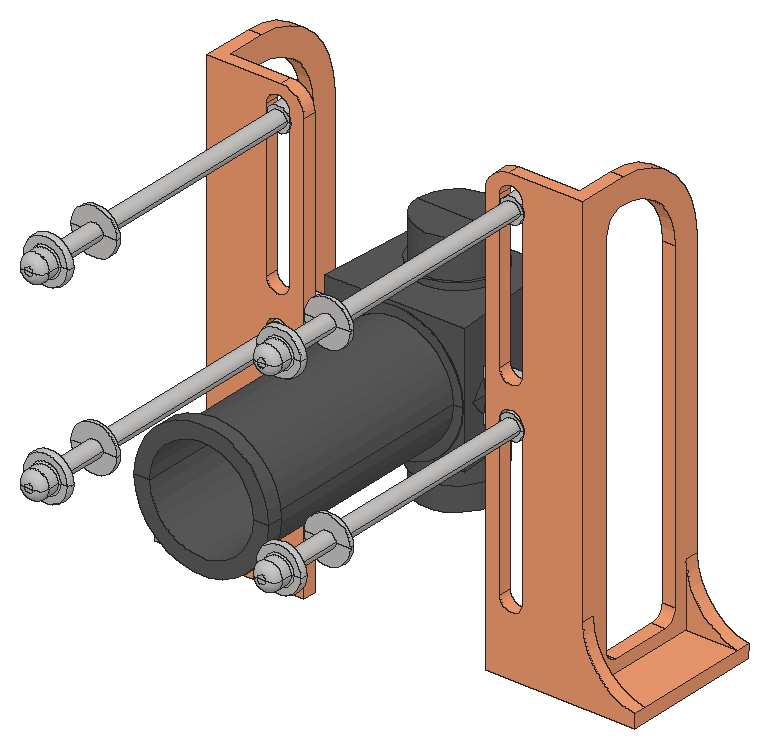
Revit family "Water_Closet_Support-Jay_R.Smith-(0532FY_0544FY)_Series", category Mechanical Equipment, Revit 2019
Family settings
  Round Connector Dimension = Use Diameter
  Classification = None
  Part Type = Normal
  OmniClass Number = 23.70.00.00
  OmniClass Title = Waste Management
  Work Plane-Based = Yes
  Always vertical = No
  Cut with Voids When Loaded = No
  Shared = Yes
  Room Calculation Point = No
Parameters (values of type "0533FY")
  Width = 18 1/2"  # constant formula
  Waste Connection Radius = Waste Connection Diameter / 2  # 1 1/2"
  Waste Connection Diameter = A Dimension  # 3"
  Waste Connection = yes
  Wall Thickness Adjustable = 8 3/4"
  WFU = 0
  Vent Connection Diameter = B Dimension  # 3"
  Vent Connection = yes
  URL = "http://www.jrsmith.com"
  Type Comments = "Water Closet Support"
  Screw Material = Metal-Jay R Smith-Stainless Steel
  Product Page URL = "https://www.jrsmith.com/floor-mount-frame-0532f-and-0542f"
  Product Documentation Link = "https://www.jrsmith.com/uploads/fileLibrary/d0532fy.pdf"
  Nipple Material = ABS-Jay R Smith-Black
  Model = "0533FY"
  Material = "Cast Iron-Jay R Smith-Duco Coated"
  Manufacturer = "Jay R Smith"
  Installation Type = "Floor Mounted"
  Height = 17 1/2"  # constant formula
  Coupling Inlet Connection Description = "4\" No HUB Coupling Inlet Connection"
  A Outlet Connection Description = "3\" No HUB Outlet Connection A"
  HWFU = 0
  HW Connection = no
  Finish = Cast Iron-Jay R Smith-Duco Coated
  E Dimension = 3"
  Description = "Floor-Mount Frame for Hub and Spigot System"
  Default Elevation = 0"
  Creation Date = "08/11/2023"  # constant formula
  Coupling Diameter = 4"  # constant formula
  CWFU = 0
  CW Connection = no
  Adjustable Height Constraint = if(Adjustable Height < 3", 3", if(Adjustable Height > 8 3/4", 8 3/4", Adjustable Height))  # 8 3/4"
  Adjustable Height = 8 3/4"
  B Vent Connection Description = "3\" Vent Connection B"
  B Dimension = 3"
  Assembly Code = "D2030400"
  A Dimension Radius = A Dimension / 2  # 1 1/2"
  A Dimension = 3"
Types (5): name | Waste Connection Radius | Waste Connection Diameter | Vent Connection Diameter | Model | A Outlet Connection Description | E Dimension | B Vent Connection Description | B Dimension | A Dimension Radius | A Dimension
  (no name) | 1 1/2" | 3" | 3" | "0533FY" | "3\" No HUB Outlet Connection A" | 3" | "3\" Vent Connection B" | 3" | 1 1/2" | 3"
  0532FY | 1 1/2" | 3" | 2" | "0532FY" | "3\" No HUB Outlet Connection A" | 3" | "2\" Vent Connection B" | 2" | 1 1/2" | 3"
  0533FY | 1 1/2" | 3" | 3" | "0533FY" | "3\" No HUB Outlet Connection A" | 3" | "3\" Vent Connection B" | 3" | 1 1/2" | 3"
  0542FY | 2" | 4" | 2" | "0542FY" | "4\" No HUB Outlet Connection A" | 3 1/2" | "2\" Vent Connection B" | 2" | 2" | 4"
  0544FY | 2" | 4" | 4" | "0544FY" | "4\" No HUB Outlet Connection A" | 3 1/2" | "4\" Vent Connection B" | 4" | 2" | 4"
Reference planes (in)
  plane 1 "Center (Front/Back)": y = 0
  plane 2: z = 0
  plane 3 "Center (Left/Right)": x = 0
  plane 4: x = -9.25
  plane 5: x = 9.25
  plane 6: z = 17.5
  plane 7: x = -4.5
  plane 8: x = 4.5
  plane 9: z = 8.75
  plane 10: z = 16.25
  plane 11: z = 3.75
  plane 12: z = 13.25
  plane 13: y = -8.75
  plane 14: y = 5.5
  plane 15: y = 3
  plane 16: x = -1
  plane 17: x = 2
  plane 18: x = -1.5
  plane 19: x = 1.5
  plane 20: y = 1.13331
  plane 21: y = 4.50831
  plane 22: z = 9.75
Dimensions and locks (in)
  equal spacing: plane 5, plane 3 "Center (Left/Right)", plane 4
  "Width": plane 5 to plane 4
  "Height": plane 6 to level
  equal spacing: plane 8, plane 3 "Center (Left/Right)", plane 7
  plane 8 to plane 7 = 9"
  "Adjustable Height Constraint": plane 9 to level
  locked: plane 10 to plane 9 at 7.5
  locked: plane 9 to plane 11 at 5
  locked: plane 12 to plane 9 at 4.5
  nested 1 to nested 1 = 13.4521"
  plane 1 "Center (Front/Back)" to plane 14 = 5 1/2"
  "Wall Thickness Adjustable": plane 13 to plane 1 "Center (Front/Back)"
  plane 16 to nested 2 to plane 17 = 1", 2"
  "B Dimension": plane 16 to plane 17
  equal spacing: plane 19, plane 3 "Center (Left/Right)", plane 18
  "A Dimension": plane 19 to plane 18
  "E Dimension": plane 1 "Center (Front/Back)" to plane 15
  plane 18 to nested 2 = 1 1/2"
  plane 20 to plane 21 = 3 3/8"
  plane 12 to plane 9 = 4 1/2"
  plane 9 to plane 11 = 5"
  locked: plane 22 to plane 9 at 1
  aligned and locked: plane 3 "Center (Left/Right)" to nested 1
  aligned and locked: nested 1 to level
  aligned and locked: plane 1 "Center (Front/Back)" to nested 1
  aligned and locked: plane 9 to nested 2
  aligned and locked: plane 13 to nested 2
  aligned and locked: plane 3 "Center (Left/Right)" to nested 2
  aligned and locked: plane 15 to nested 3
  aligned and locked: plane 22 to nested 3
Nested families (in)
  nested 1: "Support Leg" at (0, 0, 0), Material <- "Finish", type "Support Leg"
    with Material Cast Iron-Jay R Smith-Duco Coated
  nested 2: "Coupling" at (0, 0.5, -3.5645), A <- "A Dimension", B <- "B Dimension", Wall thickness <- "Wall Thickness Adjustable", Screw Material <- "Screw Material", Nipple Material <- "Nipple Material", Body <- "Finish", type "Coupling"
    with Wall thickness 8 3/4", Screw Material Metal-Jay R Smith-Stainless Steel, Nipple Material ABS-Jay R Smith-Black, C (Min. 8 3/4" Max. 9 3/4") 9 3/4", Body Cast Iron-Jay R Smith-Duco Coated, B 3", A 3"
  nested 3: "Outlets" at (0, 0.75, -3.5645), Screw Material <- "Screw Material", Body <- "Finish", A <- "A Dimension", B <- "B Dimension", type "Outlets"
    with Wall thickness 8 3/4", Screw Material Metal-Jay R Smith-Stainless Steel, Nipple Material ABS-Jay R Smith-Black, C (Min. 8 3/4" Max. 9 3/4") 9 3/4", Body Cast Iron-Jay R Smith-Duco Coated, B 3", A 3"
Connectors (in)
  piping at (0, -9.32077, 8.75), diameter 4, driven by "Coupling Diameter", driven by "Coupling Inlet Connection Description"
    settings: on nested 2, index 3, connector inside diameter 24", connector length 0", flow factor 0, pipe flow 0 GPM, pressure drop 0.00 psi, fitting loss kfactor 0, connector angle 0.00°, fixture units 0, engagement length 0", angle of deflection 0.00°, flow configuration 0, flow direction 1, fitting loss method 0, system type 28, joint type 0, gender type 0, connector reference index -1, connector utility 0, adjustable connector no, is connector primary yes, connector description "4\" No HUB Coupling Inlet Connection"
  piping at (0, 3, 13.25), diameter 3, driven by "B Vent Connection Description", driven by "B Dimension"
    settings: on nested 3, index 4, connector inside diameter 24", connector length 0", flow factor 0, pipe flow 0 GPM, pressure drop 0.00 psi, fitting loss kfactor 0, connector angle 0.00°, fixture units 0, engagement length 0", angle of deflection 0.00°, flow configuration 0, flow direction 2, fitting loss method 0, system type 17, joint type 0, gender type 0, connector reference index -1, connector utility 0, adjustable connector no, is connector primary no, connector description "3\" Vent Connection B"
  piping at (0, 3, 3.75), diameter 3, driven by "A Outlet Connection Description", driven by "A Dimension"
    settings: on nested 3, index 5, connector inside diameter 24", connector length 0", flow factor 0, pipe flow 0 GPM, pressure drop 0.00 psi, fitting loss kfactor 0, connector angle 0.00°, fixture units 0, engagement length 0", angle of deflection 0.00°, flow configuration 0, flow direction 2, fitting loss method 0, system type 28, joint type 0, gender type 0, connector reference index -1, connector utility 0, adjustable connector no, is connector primary no, connector description "3\" No HUB Outlet Connection A"
Definition of nested family "Support Leg"
  Parameters (values of type "Support Leg")
    Material [instance] = none
    L = 18 1/4"
    Assembly Code = ""
  Reference planes (in)
    plane 1 "Center (Front/Back)": y = 0
    plane 2: z = 0
    plane 3 "Center (Left/Right)": x = 0
    plane 4: z = 17.5
    plane 5: z = 9.5
    plane 6: x = -9.25
    plane 7: x = 9.25
    plane 8: x = -2
    plane 9: x = -4.5
    plane 10: x = 4.5
    plane 11: y = 5.5
  Forms (in)
    Extrusion 1, solid, material <- "Material"
      sketch origin (-26.28506, 23.36756, 0) x (-1, 0, 0) y (0, 0, -1)
        loop
          line (-17.03506, 0) -> (-22.78506, 0) -> (-22.78506, -16.59531)
          arc (-22.78506, -16.59531) -> (-22.52009, -17.23502) -> (-21.88037, -17.5) r 0.90469
          line (-21.88037, -17.5) -> (-19.03506, -17.5) -> (-19.03506, -2.96829)
          arc (-19.03506, -2.96829) -> (-18.47231, -1.37986) -> (-17.03506, -0.5) r 2.52312
          line (-17.03506, -0.5) -> (-17.03506, 0)
        loop
          line (-21.33045, -16.64843) -> (-21.33045, -10.64973)
          arc (-21.33045, -10.64973) -> (-21.78506, -10.19512) -> (-22.23968, -10.64973) r 0.45462
          line (-22.23968, -10.64973) -> (-22.23968, -16.64843)
          arc (-22.23968, -16.64843) -> (-21.78506, -17.10304) -> (-21.33045, -16.64843) r 0.45462
        loop
          line (-21.33045, -8.89843) -> (-21.33045, -2.77473)
          arc (-21.33045, -2.77473) -> (-21.78506, -2.32012) -> (-22.23968, -2.77473) r 0.45462
          line (-22.23968, -2.77473) -> (-22.23968, -8.89843)
          arc (-22.23968, -8.89843) -> (-21.78506, -9.35304) -> (-21.33045, -8.89843) r 0.45462
      from 22.86756 to 23.36756
    Extrusion 2, solid, material <- "Material"
      sketch origin (-1.5, 23.36756, 0) x (0, 0, 1) y (0, -1, 0)
        loop
          line (0, 23.36756) -> (0, 17.86756) -> (14, 17.86756)
          arc (14, 17.86756) -> (16.47487, 18.89269) -> (17.5, 21.36756) r 3.5
          line (17.5, 21.36756) -> (17.5, 23.36756) -> (0, 23.36756)
        loop
          arc (1.48817, 22.23426) -> (1.13462, 22.08781) -> (0.98817, 21.73426) r 0.5
          line (0.98817, 21.73426) -> (0.98817, 19.35926)
          arc (0.98817, 19.35926) -> (1.13462, 19.00571) -> (1.48817, 18.85926) r 0.5
          line (1.48817, 18.85926) -> (13.99368, 18.85926)
          arc (13.99368, 18.85926) -> (15.79733, 19.60761) -> (16.5414, 21.41303) r 2.54773
          arc (16.5414, 21.41303) -> (16.34974, 21.98878) -> (15.79479, 22.23426) r 0.75
          line (15.79479, 22.23426) -> (1.48817, 22.23426)
      from -5.75 to -5.22605
    Extrusion 3, solid, material <- "Material"
      sketch origin (-1.5, 5, 1.04053) x (0, 0, -1) y (1, 0, 0)
        loop
          line (0.54053, -7.75) -> (1.04053, -7.75) -> (1.04053, -5.75) -> (-1.92776, -5.75)
          arc (-1.92776, -5.75) -> (-0.33933, -6.31276) -> (0.54053, -7.75) r 2.52312
      from -0.5 to 0
    Extrusion 4, solid, material <- "Material"
      sketch origin (0, 0, 0) x (1, 0, 0) y (0, 1, 0)
        loop
          line (-9.25, 5.5) -> (-9.25, 0) -> (-7.25, 0) -> (-7.25, 5.5) -> (-9.25, 5.5)
      from 0 to 0.5
    Extrusion 5, solid, material <- "Material"
      sketch origin (26.28506, 23.36756, 0) x (1, 0, 0) y (0, 0, 1)
        loop
          line (-17.03506, 0) -> (-17.03506, 0.5)
          arc (-17.03506, 0.5) -> (-18.47231, 1.37986) -> (-19.03506, 2.96829) r 2.52312
          line (-19.03506, 2.96829) -> (-19.03506, 17.5) -> (-21.88037, 17.5)
          arc (-21.88037, 17.5) -> (-22.52009, 17.23502) -> (-22.78506, 16.59531) r 0.90469
          line (-22.78506, 16.59531) -> (-22.78506, 0) -> (-17.03506, 0)
        loop
          arc (-21.33045, 16.64843) -> (-21.78506, 17.10304) -> (-22.23968, 16.64843) r 0.45462
          line (-22.23968, 16.64843) -> (-22.23968, 10.64973)
          arc (-22.23968, 10.64973) -> (-21.78506, 10.19512) -> (-21.33045, 10.64973) r 0.45462
          line (-21.33045, 10.64973) -> (-21.33045, 16.64843)
        loop
          arc (-21.33045, 8.89843) -> (-21.78506, 9.35304) -> (-22.23968, 8.89843) r 0.45462
          line (-22.23968, 8.89843) -> (-22.23968, 2.77473)
          arc (-22.23968, 2.77473) -> (-21.78506, 2.32012) -> (-21.33045, 2.77473) r 0.45462
          line (-21.33045, 2.77473) -> (-21.33045, 8.89843)
      from 22.86756 to 23.36756
    Extrusion 6, solid, material <- "Material"
      sketch origin (1.5, 23.36756, 0) x (0, 0, 1) y (0, 1, 0)
        loop
          line (0, -23.36756) -> (17.5, -23.36756) -> (17.5, -21.36756)
          arc (17.5, -21.36756) -> (16.47487, -18.89269) -> (14, -17.86756) r 3.5
          line (14, -17.86756) -> (0, -17.86756) -> (0, -23.36756)
        loop
          line (1.48817, -22.23426) -> (15.79479, -22.23426)
          arc (15.79479, -22.23426) -> (16.34974, -21.98878) -> (16.5414, -21.41303) r 0.75
          arc (16.5414, -21.41303) -> (15.79733, -19.60761) -> (13.99368, -18.85926) r 2.54773
          line (13.99368, -18.85926) -> (1.48817, -18.85926)
          arc (1.48817, -18.85926) -> (1.13462, -19.00571) -> (0.98817, -19.35926) r 0.5
          line (0.98817, -19.35926) -> (0.98817, -21.73426)
          arc (0.98817, -21.73426) -> (1.13462, -22.08781) -> (1.48817, -22.23426) r 0.5
      from -5.75 to -5.22605
    Extrusion 7, solid, material <- "Material"
      sketch origin (1.5, 5, 1.04053) x (0, 0, -1) y (1, 0, 0)
        loop
          arc (0.54053, 7.75) -> (-0.33933, 6.31276) -> (-1.92776, 5.75) r 2.52312
          line (-1.92776, 5.75) -> (1.04053, 5.75) -> (1.04053, 7.75) -> (0.54053, 7.75)
      from -0.5 to 0
    Extrusion 8, solid, material <- "Material"
      sketch origin (0, 0, 0) x (-1, 0, 0) y (0, -1, 0)
        loop
          line (-9.25, -5.5) -> (-7.25, -5.5) -> (-7.25, 0) -> (-9.25, 0) -> (-9.25, -5.5)
      from 0 to 0.5
  Cuts and joins
    joined: Extrusion 1, Extrusion 2, Extrusion 3, Extrusion 4
    joined: Extrusion 5, Extrusion 6, Extrusion 7, Extrusion 8
  Dimensions and locks (in)
    equal spacing: plane 7, plane 3 "Center (Left/Right)", plane 6
    plane 7 to plane 6 = 18 1/2"
    plane 4 to level = 17 1/2"
    plane 10 to plane 9 = 9"
    plane 1 "Center (Front/Back)" to plane 11 = 5 1/2"
    aligned and locked: plane 1 "Center (Front/Back)" to Extrusion 1
    aligned and locked: Extrusion 4 sketch curve to Extrusion 3  (x2)
    aligned and locked: Extrusion 4 sketch curve to cut or joined group of Extrusion 1, Extrusion 2, Extrusion 3, Extrusion 4  (x2)
    aligned and locked: Extrusion 8 sketch curve to Extrusion 7  (x2)
  Automatic sketch dimensions
    Extrusion 1 sketch curve to level = 0"
    Extrusion 1 sketch curve to plane 4 = 0"
    plane 9 to Extrusion 1 sketch curve = 0"
    Extrusion 1 sketch curve to plane 9 = 0"
    Extrusion 1 sketch curve to plane 6 = 0"
    plane 9 to Extrusion 1 sketch curve = 0.09531"
    Extrusion 1 sketch curve to Extrusion 1 sketch curve = 0.45462"  (x2)
    Extrusion 1 sketch curve to Extrusion 1 sketch curve = 0.54538"
    plane 6 to Extrusion 1 sketch curve = 2"
    Extrusion 1 sketch curve to plane 6 = 0.52312"
    Extrusion 1 sketch curve to Extrusion 1 sketch curve = 0.05312"
    plane 5 to Extrusion 1 sketch curve = 1.14973"
    Extrusion 1 sketch curve to plane 5 = 77/128"
    level to Extrusion 1 sketch curve = 2.77473"
    level to Extrusion 1 sketch curve = 2.96829"
    Extrusion 2 sketch curve to level = 0"
    Extrusion 2 sketch curve to plane 11 = 0"
    Extrusion 2 sketch curve to plane 4 = 0"
    Extrusion 2 sketch curve to plane 1 "Center (Front/Back)" = 0"
    level to Extrusion 2 sketch curve = 0.98817"
    Extrusion 2 sketch curve to Extrusion 2 sketch curve = 1/2"  (x2)
    Extrusion 2 sketch curve to plane 1 "Center (Front/Back)" = 1.96057"
    Extrusion 2 sketch curve to plane 4 = 3.50632"
    Extrusion 2 sketch curve to Extrusion 2 sketch curve = 0.00632"
    Extrusion 2 sketch curve to plane 4 = 1.70521"
    Extrusion 2 sketch curve to plane 11 = 0.99169"
    Extrusion 2 sketch curve to Extrusion 2 sketch curve = 0.07123"
    Extrusion 3 sketch curve to plane 6 = 0"
    Extrusion 3 sketch curve to level = 0"
    level to Extrusion 3 sketch curve = 1/2"
    Extrusion 3 sketch curve to plane 6 = 0.52312"
    Extrusion 3 sketch curve to Extrusion 3 sketch curve = 2.46829"
    Extrusion 6 sketch curve to level = 0"
    Extrusion 6 sketch curve to plane 11 = 0"
    Extrusion 6 sketch curve to plane 4 = 0"
    Extrusion 6 sketch curve to plane 1 "Center (Front/Back)" = 0"
    level to Extrusion 6 sketch curve = 0.98817"
    Extrusion 6 sketch curve to Extrusion 6 sketch curve = 1/2"  (x2)
    Extrusion 6 sketch curve to plane 1 "Center (Front/Back)" = 1.96057"
    Extrusion 6 sketch curve to plane 4 = 3.50632"
    Extrusion 6 sketch curve to Extrusion 6 sketch curve = 0.00632"
    Extrusion 6 sketch curve to plane 4 = 1.70521"
    Extrusion 6 sketch curve to Extrusion 6 sketch curve = 0.82123"
    Extrusion 6 sketch curve to Extrusion 6 sketch curve = 3/4"
    plane 7 to Extrusion 7 sketch curve = 0"
    Extrusion 7 sketch curve to level = 0"
    level to Extrusion 7 sketch curve = 1/2"
    Extrusion 7 sketch curve to plane 7 = 0.52312"
    Extrusion 7 sketch curve to Extrusion 7 sketch curve = 2.46829"
    plane 1 "Center (Front/Back)" to Extrusion 8 sketch curve = 0"
    Extrusion 8 sketch curve to plane 7 = 2"
    Extrusion 5 sketch curve to level = 0"
    Extrusion 5 sketch curve to plane 4 = 0"
    plane 10 to Extrusion 5 sketch curve = 0"  (x2)
    plane 7 to Extrusion 5 sketch curve = 0"
    plane 10 to Extrusion 5 sketch curve = 1"
    plane 10 to Extrusion 5 sketch curve = 0.45462"
    plane 10 to Extrusion 5 sketch curve = 0.09531"
    plane 7 to Extrusion 5 sketch curve = 2"
    Extrusion 5 sketch curve to plane 7 = 0.52312"
    level to Extrusion 5 sketch curve = 1/2"
    Extrusion 5 sketch curve to Extrusion 5 sketch curve = 0.19356"
    Extrusion 5 sketch curve to plane 5 = 77/128"
    plane 5 to Extrusion 5 sketch curve = 1.14973"
    Extrusion 5 sketch curve to Extrusion 5 sketch curve = 0.05312"
    Extrusion 5 sketch curve to Extrusion 5 sketch curve = 0.45462"
Definition of nested family "Coupling"
  Parameters (values of type "Coupling")
    s = 3 3/8"  # constant formula
    Width = 16 3/4"
    Waste Connection Radius = 2"
    Waste Connection Height = 9"
    Waste Connection Diameter = Waste Connection Radius * 2  # 4"
    Waste Connection = yes
    Warranty Information = "1 Year Limited"
    Wall thickness [instance] = 8 3/4"
    WFU = 0
    Vent Connection = yes
    URL = "http://www.jrsmith.com"
    Type Comments = ""
    Screw Material [instance] = none
    Product Page URL = "https://www.jrsmith.com/product.aspx?ProductId=16&title=Horizontal+Fittings+Extra+Heavy+Duty+750+Lbs.+for+Siphon+Jet+Water+Closets"
    Price = "Prices may vary. Please consult Manufacturer Representative for most up-to-date price list."  # constant formula
    Phone Number = ""
    Nipple Material [instance] = none
    Model = "0211DY-M58-M54"
    Manufacturer = "Jay R Smith"
    Installation Type = "Floor Mounted"
    HWFU = 0
    HW Connection = no
    Description = "Horizontal Fittings for Siphon Jet Water Closets"
    Default Elevation = 0"
    Creation Date = ""
    Created By = ""
    CWFU = 0
    CW Connection = no
    C (Min. 8 3/4" Max. 9 3/4") [instance] = 9 3/4"
    Body [instance] = none
    Barrel Length = 14"
    B [instance] = 2.75133"
    Assembly Code = "D2030400"
    A [instance] = 4"
  Reference planes (in)
    plane 1 "Center (Front/Back)": y = 0.5
    plane 2: z = 0
    plane 3 "Center (Left/Right)": x = 0
    plane 4: x = -4.5
    plane 5: x = 4.5
    plane 6: z = 12.3145
    plane 7: z = 19.8145
    plane 8: x = 4.5
    plane 9: y = -9.25
    plane 10: y = -0.5
    plane 11: y = -11.5
    plane 12: z = 7.3145
    plane 13: z = 16.8145
    plane 14: x = -1.37566
    plane 15: x = 1.37566
    plane 16: x = -2
    plane 17: x = 2
    plane 18: y = 5
    plane 19: y = 2.25
    plane 20: z = 13.3145
    plane 21: x = -7
    plane 22: x = 7
    plane 23: x = -5.25
    plane 24: x = 5.25
  Forms (in)
    Revolve 1, solid, material <- "Nipple Material"
      sketch origin (0, -9.367, 12.3145) x (0, -1, 0) y (1, 0, 0)
        loop
          line (0.45378, -2.60647) -> (0.45378, -2) -> (-8.867, -2) -> (-8.867, 0) -> (-11.617, 0) -> (-11.617, -2) -> (-9.867, -2) -> (-9.867, -2.68843) -> (-8.867, -2.63112) -> (-8.867, -2.24758) -> (-0.117, -2.24758) -> (-0.117, -2.60647) -> (0.45378, -2.60647)
        axis (0.45378, 0) -> (-11.617, 0)
      angle from 0 to 360
    Revolve 2, solid, material <- "Screw Material"
      sketch origin (39.61063, 0, 12.3145) x (-1, 0, 0) y (0, -1, 0)
        loop
          line (35.11063, -0.5) -> (35.5823, -0.5) -> (35.5823, 0.5) -> (35.43171, 0.5) -> (35.43171, 8.8722) -> (35.58245, 8.8722) -> (35.58245, 9.25) -> (35.99826, 9.25) -> (35.99826, 9.38218) -> (35.43171, 9.38218) -> (35.43171, 11.5) -> (35.99826, 11.5)
          arc (35.99826, 11.5) -> (35.99463, 11.61583) -> (35.96045, 11.72656) r 0.43348
          line (35.96045, 11.72656) -> (35.68375, 11.72656)
          arc (35.68375, 11.72656) -> (35.639, 11.74509) -> (35.62046, 11.78985) r 0.06329
          line (35.62046, 11.78985) -> (35.62046, 12.19873)
          arc (35.62046, 12.19873) -> (35.52088, 12.43913) -> (35.28047, 12.53871) r 0.33999
          line (35.28047, 12.53871) -> (35.11063, 12.53871) -> (35.11063, -0.5)
        axis (35.11063, -0.5) -> (35.11063, 12.53871)
      angle from 0 to 360
    Revolve 3, solid, material <- "Screw Material"
      sketch origin (39.61063, 0, 19.8145) x (-1, 0, 0) y (0, -1, 0)
        loop
          line (35.11063, -0.5) -> (35.5823, -0.5) -> (35.5823, 0.5) -> (35.43171, 0.5) -> (35.43171, 8.8722) -> (35.58245, 8.8722) -> (35.58245, 9.25) -> (35.99826, 9.25) -> (35.99826, 9.38218) -> (35.43171, 9.38218) -> (35.43171, 11.5) -> (35.99826, 11.5)
          arc (35.99826, 11.5) -> (35.99463, 11.61583) -> (35.96045, 11.72656) r 0.43348
          line (35.96045, 11.72656) -> (35.68375, 11.72656)
          arc (35.68375, 11.72656) -> (35.639, 11.74509) -> (35.62046, 11.78985) r 0.06329
          line (35.62046, 11.78985) -> (35.62046, 12.19873)
          arc (35.62046, 12.19873) -> (35.52088, 12.43913) -> (35.28047, 12.53871) r 0.33999
          line (35.28047, 12.53871) -> (35.11063, 12.53871) -> (35.11063, -0.5)
        axis (35.11063, -0.5) -> (35.11063, 12.53871)
      angle from 0 to 360
    Revolve 4, solid, material <- "Screw Material"
      sketch origin (-39.61063, 0, 12.3145) x (1, 0, 0) y (0, 1, 0)
        loop
          line (35.11063, 0.5) -> (35.11063, -12.53871) -> (35.28047, -12.53871)
          arc (35.28047, -12.53871) -> (35.52088, -12.43913) -> (35.62046, -12.19873) r 0.33999
          line (35.62046, -12.19873) -> (35.62046, -11.78985)
          arc (35.62046, -11.78985) -> (35.639, -11.74509) -> (35.68375, -11.72656) r 0.06329
          line (35.68375, -11.72656) -> (35.96045, -11.72656)
          arc (35.96045, -11.72656) -> (35.99463, -11.61583) -> (35.99826, -11.5) r 0.43348
          line (35.99826, -11.5) -> (35.43171, -11.5) -> (35.43171, -9.38218) -> (35.99826, -9.38218) -> (35.99826, -9.25) -> (35.58245, -9.25) -> (35.58245, -8.8722) -> (35.43171, -8.8722) -> (35.43171, -0.5) -> (35.5823, -0.5) -> (35.5823, 0.5) -> (35.11063, 0.5)
        axis (35.11063, 0.5) -> (35.11063, -12.53871)
      angle from 0 to 360
    Revolve 5, solid, material <- "Screw Material"
      sketch origin (-39.61063, 0, 19.8145) x (1, 0, 0) y (0, 1, 0)
        loop
          line (35.11063, 0.5) -> (35.11063, -12.53871) -> (35.28047, -12.53871)
          arc (35.28047, -12.53871) -> (35.52088, -12.43913) -> (35.62046, -12.19873) r 0.33999
          line (35.62046, -12.19873) -> (35.62046, -11.78985)
          arc (35.62046, -11.78985) -> (35.639, -11.74509) -> (35.68375, -11.72656) r 0.06329
          line (35.68375, -11.72656) -> (35.96045, -11.72656)
          arc (35.96045, -11.72656) -> (35.99463, -11.61583) -> (35.99826, -11.5) r 0.43348
          line (35.99826, -11.5) -> (35.43171, -11.5) -> (35.43171, -9.38218) -> (35.99826, -9.38218) -> (35.99826, -9.25) -> (35.58245, -9.25) -> (35.58245, -8.8722) -> (35.43171, -8.8722) -> (35.43171, -0.5) -> (35.5823, -0.5) -> (35.5823, 0.5) -> (35.11063, 0.5)
        axis (35.11063, 0.5) -> (35.11063, -12.53871)
      angle from 0 to 360
    Extrusion 6, solid, material <- "Screw Material"
      sketch origin (0, 0.5, 0) x (1, 0, 0) y (0, 0, 1)
        loop
          arc (-4.75, 13.3145) -> (-5.10355, 13.16805) -> (-5.25, 12.8145) r 0.5
          line (-5.25, 12.8145) -> (-5.25, 11.8145)
          arc (-5.25, 11.8145) -> (-5.10355, 11.46094) -> (-4.75, 11.3145) r 0.5
          line (-4.75, 11.3145) -> (4.75, 11.3145)
          arc (4.75, 11.3145) -> (5.10355, 11.46094) -> (5.25, 11.8145) r 0.5
          line (5.25, 11.8145) -> (5.25, 12.8145)
          arc (5.25, 12.8145) -> (5.10355, 13.16805) -> (4.75, 13.3145) r 0.5
          line (4.75, 13.3145) -> (-4.75, 13.3145)
      from -0.5 to 0
  Dimensions and locks (in)
    plane 5 to plane 4 = 9"
    plane 7 to plane 6 = 7 1/2"
    locked: plane 10 to plane 1 "Center (Front/Back)" at 1
    "Wall thickness": plane 9 to plane 10
    locked: plane 11 to plane 9 at 2.25
    locked: Revolve 1 sketch curve to Revolve 1 sketch curve at 0.57077
    plane 6 to plane 12 = 5"
    plane 13 to plane 6 = 4 1/2"
    equal spacing: plane 15, plane 3 "Center (Left/Right)", plane 14
    "B": plane 15 to plane 14
    equal spacing: plane 17, plane 3 "Center (Left/Right)", plane 16
    "A": plane 17 to plane 16
    locked: plane 18 to plane 10 at 5.5
    equal spacing: plane 18, plane 19, plane 10
    locked: plane 20 to plane 6 at 1
    plane 3 "Center (Left/Right)" to plane 21 = 7"
    equal spacing: plane 22, plane 3 "Center (Left/Right)", plane 21
    Revolve 1 sketch curve to Revolve 1 sketch curve to plane 3 "Center (Left/Right)" = 0.24758" locked, 2" locked
    plane 8 to plane 4 = 9"
    equal spacing: plane 24, plane 3 "Center (Left/Right)", plane 23
    plane 24 to plane 23 = 10 1/2"
    plane 19 to plane 10 = 2 3/4"
    aligned and locked: plane 11 to Revolve 2 sketch curve
    aligned and locked: plane 9 to Revolve 2 sketch curve
    aligned and locked: Revolve 2 sketch curve to plane 10
    aligned and locked: Revolve 2 sketch curve to plane 1 "Center (Front/Back)"
    aligned and locked: Revolve 1 sketch curve to plane 9
    aligned and locked: Revolve 1 sketch curve to plane 10  (x2)
    aligned and locked: plane 9 to Revolve 3 sketch curve
    aligned and locked: plane 11 to Revolve 3 sketch curve
    aligned and locked: Revolve 3 sketch curve to plane 10
    aligned and locked: Revolve 3 sketch curve to plane 1 "Center (Front/Back)"
    aligned and locked: Revolve 4 sketch curve to plane 11
    aligned and locked: Revolve 4 sketch curve to plane 9
    aligned and locked: plane 10 to Revolve 4 sketch curve
    aligned and locked: plane 1 "Center (Front/Back)" to Revolve 4 sketch curve
    aligned and locked: Revolve 5 sketch curve to plane 11
    aligned and locked: Revolve 5 sketch curve to plane 9
    aligned and locked: plane 1 "Center (Front/Back)" to Revolve 5 sketch curve
    aligned and locked: plane 10 to Revolve 5 sketch curve
    aligned and locked: plane 19 to Revolve 1 sketch curve
    aligned and locked: Revolve 1 sketch curve to plane 16
    aligned and locked: plane 3 "Center (Left/Right)" to Revolve 1 sketch curve
    aligned and locked: plane 1 "Center (Front/Back)" to Revolve 1 sketch curve
    aligned and locked: Extrusion 6 to plane 1 "Center (Front/Back)"
  Automatic sketch dimensions
    Revolve 2 sketch curve to plane 5 = 0"  (x2)
    plane 1 "Center (Front/Back)" to Revolve 2 sketch curve = 0"
    Revolve 2 sketch curve to Revolve 2 sketch curve = 0.16984"
    plane 5 to Revolve 2 sketch curve = 0.32108"  (x2)
    Revolve 2 sketch curve to plane 11 = 0.04447"
    Revolve 2 sketch curve to Revolve 2 sketch curve = 0.13535"
    Revolve 2 sketch curve to Revolve 2 sketch curve = 0.47167"
    Revolve 2 sketch curve to Revolve 2 sketch curve = 0.15074"
    Revolve 2 sketch curve to Revolve 2 sketch curve = 0.0534"
    Revolve 2 sketch curve to Revolve 2 sketch curve = 0.06329"
    Revolve 2 sketch curve to Revolve 2 sketch curve = 0.27669"
    Revolve 2 sketch curve to Revolve 2 sketch curve = 0.41581"
    Revolve 2 sketch curve to Revolve 2 sketch curve = 0.03781"
    plane 9 to Revolve 2 sketch curve = 0.3778"
    Revolve 2 sketch curve to plane 9 = 0.13218"
    Revolve 2 sketch curve to Revolve 2 sketch curve = 0.40888"
    Revolve 2 sketch curve to plane 10 = 0.1306"
    Revolve 3 sketch curve to plane 5 = 0"  (x2)
    plane 1 "Center (Front/Back)" to Revolve 3 sketch curve = 0"
    Revolve 3 sketch curve to Revolve 3 sketch curve = 0.16984"
    plane 5 to Revolve 3 sketch curve = 0.32108"  (x2)
    Revolve 3 sketch curve to plane 11 = 0.04447"
    Revolve 3 sketch curve to Revolve 3 sketch curve = 0.13535"
    Revolve 3 sketch curve to Revolve 3 sketch curve = 0.47167"
    Revolve 3 sketch curve to Revolve 3 sketch curve = 0.15074"
    Revolve 3 sketch curve to Revolve 3 sketch curve = 0.0534"
    Revolve 3 sketch curve to Revolve 3 sketch curve = 0.06329"
    Revolve 3 sketch curve to Revolve 3 sketch curve = 0.27669"
    Revolve 3 sketch curve to Revolve 3 sketch curve = 0.41581"
    Revolve 3 sketch curve to Revolve 3 sketch curve = 0.03781"
    plane 9 to Revolve 3 sketch curve = 0.3778"
    Revolve 3 sketch curve to plane 9 = 0.13218"
    Revolve 3 sketch curve to Revolve 3 sketch curve = 0.40888"
    Revolve 3 sketch curve to plane 10 = 0.1306"
    Revolve 4 sketch curve to plane 4 = 0"  (x2)
    plane 1 "Center (Front/Back)" to Revolve 4 sketch curve = 0"
    Revolve 4 sketch curve to Revolve 4 sketch curve = 0.16984"
    plane 4 to Revolve 4 sketch curve = 0.32108"  (x2)
    Revolve 4 sketch curve to plane 11 = 0.04447"
    Revolve 4 sketch curve to Revolve 4 sketch curve = 0.13535"
    Revolve 4 sketch curve to Revolve 4 sketch curve = 0.47167"
    Revolve 4 sketch curve to Revolve 4 sketch curve = 0.15074"
    Revolve 4 sketch curve to Revolve 4 sketch curve = 0.0534"
    Revolve 4 sketch curve to Revolve 4 sketch curve = 0.06329"
    Revolve 4 sketch curve to Revolve 4 sketch curve = 0.27669"
    Revolve 4 sketch curve to Revolve 4 sketch curve = 0.41581"
    Revolve 4 sketch curve to Revolve 4 sketch curve = 0.03781"
    Revolve 4 sketch curve to Revolve 4 sketch curve = 0.40888"
    Revolve 4 sketch curve to plane 9 = 0.13218"
    Revolve 4 sketch curve to Revolve 4 sketch curve = 0.3778"
    Revolve 4 sketch curve to plane 10 = 0.1306"
    Revolve 5 sketch curve to plane 4 = 0"  (x2)
    plane 1 "Center (Front/Back)" to Revolve 5 sketch curve = 0"
    Revolve 5 sketch curve to Revolve 5 sketch curve = 0.16984"
    plane 4 to Revolve 5 sketch curve = 0.32108"  (x2)
    Revolve 5 sketch curve to plane 11 = 0.04447"
    Revolve 5 sketch curve to Revolve 5 sketch curve = 0.13535"
    Revolve 5 sketch curve to Revolve 5 sketch curve = 0.47167"
    Revolve 5 sketch curve to Revolve 5 sketch curve = 0.15074"
    Revolve 5 sketch curve to Revolve 5 sketch curve = 0.0534"
    Revolve 5 sketch curve to Revolve 5 sketch curve = 0.06329"
    Revolve 5 sketch curve to Revolve 5 sketch curve = 0.27669"
    Revolve 5 sketch curve to Revolve 5 sketch curve = 0.41581"
    Revolve 5 sketch curve to Revolve 5 sketch curve = 0.03781"
    Revolve 5 sketch curve to Revolve 5 sketch curve = 0.40888"
    Revolve 5 sketch curve to plane 9 = 0.13218"
    Revolve 5 sketch curve to Revolve 5 sketch curve = 0.3778"
    Revolve 5 sketch curve to plane 10 = 0.1306"
    Revolve 1 sketch curve to plane 16 = 0.60647"
    Revolve 1 sketch curve to Revolve 1 sketch curve = 0.38355"
    Revolve 1 sketch curve to plane 16 = 0.68843"
    plane 3 "Center (Left/Right)" to Revolve 1 sketch curve = 0"
    plane 19 to Revolve 1 sketch curve = 0.64095"
    Revolve 1 sketch curve to Revolve 1 sketch curve = 0.23405"
    Extrusion 6 sketch curve to plane 23 = 0"
    Extrusion 6 sketch curve to plane 20 = 0"
    plane 24 to Extrusion 6 sketch curve = 0"
    Extrusion 6 sketch curve to plane 4 = 1/4"  (x2)
    Extrusion 6 sketch curve to plane 5 = 1/4"  (x2)
    Extrusion 6 sketch curve to plane 6 = 1/2"
Definition of nested family "Outlets"
  Parameters (values of type "Outlets")
    s = 2 1/2"  # constant formula
    Width = 16 3/4"
    Waste Connection Radius = 2"
    Waste Connection Height = 9"
    Waste Connection Diameter = Waste Connection Radius * 2  # 4"
    Waste Connection = yes
    Warranty Information = "1 Year Limited"
    Wall thickness [instance] = 8 3/4"
    WFU = 0
    Vent Connection = yes
    URL = "http://www.jrsmith.com"
    Type Comments = ""
    Screw Material [instance] = none
    Product Page URL = "https://www.jrsmith.com/product.aspx?ProductId=16&title=Horizontal+Fittings+Extra+Heavy+Duty+750+Lbs.+for+Siphon+Jet+Water+Closets"
    Price = "Prices may vary. Please consult Manufacturer Representative for most up-to-date price list."  # constant formula
    Phone Number = ""
    Nipple Material [instance] = none
    Model = "0211DY-M58-M54"
    Manufacturer = "Jay R Smith"
    Installation Type = "Floor Mounted"
    HWFU = 0
    HW Connection = no
    Description = "Horizontal Fittings for Siphon Jet Water Closets"
    Default Elevation = 0"
    Creation Date = ""
    Created By = ""
    CWFU = 0
    CW Connection = no
    C (Min. 8 3/4" Max. 9 3/4") [instance] = 9 3/4"
    Body [instance] = none
    Barrel Length = 14"
    B [instance] = 2.75133"
    Assembly Code = "D2030400"
    A [instance] = 4"
  Reference planes (in)
    plane 1 "Center (Front/Back)": y = 0.5
    plane 2: z = 0
    plane 3 "Center (Left/Right)": x = 0
    plane 4: x = -4.5
    plane 5: x = 4.5
    plane 6: z = 12.3145
    plane 7: z = 19.8145
    plane 8: x = 4.5
    plane 9: z = 7.3145
    plane 10: z = 16.8145
    plane 11: x = -1.37566
    plane 12: x = 1.37566
    plane 13: x = -2
    plane 14: x = 2
    plane 15: y = 2.25
    plane 16: z = 13.3145
    plane 17: x = -7
    plane 18: x = 7
    plane 19: y = -0.25
    plane 20: y = -0.75
    plane 21: y = 3.9375
  Forms (in)
    Revolve 1, solid
      sketch origin (0, 2.25, 0) x (1, 0, 0) y (0, 0, 1)
        loop
          line (1.37566, 16.8145) -> (0, 16.8145) -> (0, 7.3145) -> (2, 7.3145) -> (2, 8.3145) -> (2.12566, 8.3145) -> (2.12566, 15.3145) -> (1.37566, 15.3145) -> (1.37566, 16.8145)
        axis (0, 16.8145) -> (0, 7.3145)
      angle from 0 to 360
    Extrusion 2, solid, material <- "Nipple Material"
      sketch origin (0, 0, 0) x (1, 0, 0) y (0, 1, 0)
        loop
          line (-2.85787, 3.9375) -> (-3.18565, -0.75) -> (3.18565, -0.75) -> (2.85787, 3.9375) -> (-2.85787, 3.9375)
      from 10.14532 to 15.07119
  Dimensions and locks (in)
    plane 5 to plane 4 = 9"
    plane 7 to plane 6 = 7 1/2"
    plane 6 to plane 9 = 5"  (x2)
    plane 10 to plane 6 = 4 1/2"  (x2)
    equal spacing: plane 12, plane 3 "Center (Left/Right)", plane 11
    "B": plane 12 to plane 11
    equal spacing: plane 14, plane 3 "Center (Left/Right)", plane 13
    "A": plane 14 to plane 13
    locked: plane 16 to plane 6 at 1
    locked: plane 10 to Revolve 1 sketch curve at 1.5
    locked: plane 14 to Revolve 1 sketch curve at 0.12566
    plane 3 "Center (Left/Right)" to plane 17 = 7"
    equal spacing: plane 18, plane 3 "Center (Left/Right)", plane 17
    plane 16 to plane 6 = 1"
    locked: plane 15 to plane 19 at 2.5
    locked: plane 19 to plane 20 at 0.5
    locked: plane 21 to plane 20 at 4.6875
    angle Extrusion 2 sketch curve to Extrusion 2 sketch curve = 86.00°
    locked: Extrusion 2 sketch curve to Extrusion 2 sketch curve (angle 94.00°)  (x2)
    locked: Extrusion 2 sketch curve to Extrusion 2 sketch curve (angle 86.00°)
    aligned and locked: plane 10 to Revolve 1 sketch curve
    aligned and locked: Revolve 1 sketch curve to plane 12
    aligned and locked: Revolve 1 sketch curve to plane 3 "Center (Left/Right)"  (x2)
    aligned and locked: Revolve 1 sketch curve to plane 9
    aligned and locked: Revolve 1 sketch curve to plane 14
    aligned and locked: Extrusion 2 sketch curve to plane 20
    aligned and locked: Extrusion 2 sketch curve to plane 21
  Automatic sketch dimensions
    Revolve 1 sketch curve to plane 9 = 0"
    Revolve 1 sketch curve to plane 10 = 0"
    Revolve 1 sketch curve to Revolve 1 sketch curve = 1"
    Extrusion 2 sketch curve to plane 13 = 0.85787"
    Extrusion 2 sketch curve to plane 14 = 0.85787"
